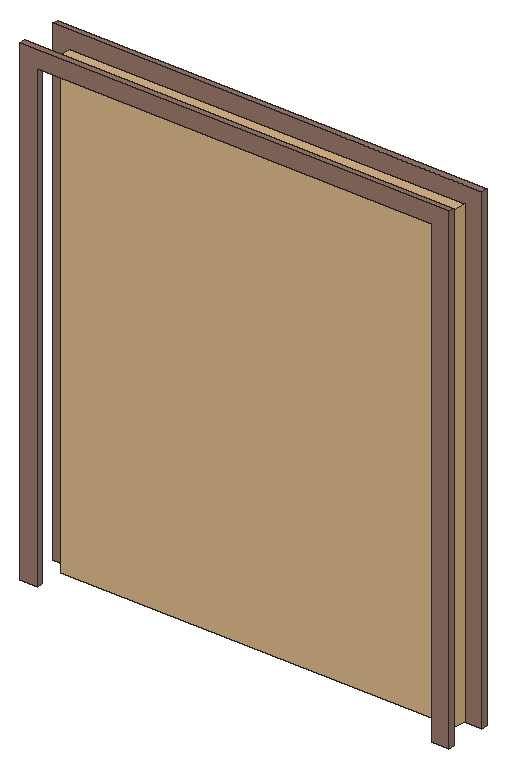
Revit family "3995ccc67dfc4023abd49b2a8f36a22b", category Doors, host Wall, Revit 2021
Family settings
  Host = Wall
  OmniClass Number = 23.30.10.00
  OmniClass Title = Doors
  Always vertical = Yes
  Cut with Voids When Loaded = No
  Shared = No
  Room Calculation Point = No
Parameters (values of type "68" x 80"")
  W = Width / 2  # 2' - 10"
  Visual Light Transmittance = 0
  Thickness = 0' - 2"
  Thermal Resistance (R) = 2.5876 (h·ft²·°F)/BTU
  Swing Angle [instance] = 90.00°
  Solar Heat Gain Coefficient = 0
  Define Thermal Properties by = Schematic Type
  Construction Type Id = "DOOR"
  Heat Transfer Coefficient (U) = 0.3865 BTU/(h·ft²·°F)
  Function = Interior
  Assembly Code = "C1020"
  Panel Material = Wood - Birch - Solid Stained Light Low Gloss
  Trim Material = Paint - Sienna
  Height = 6' - 8"
  Trim Projection Ext. = 0' - 1"
  Trim Projection Int. = 0' - 1"
  Trim Width Ext. = 0' - 3"
  Trim Width Int. = 0' - 3"
  Wall Closure = By host
  Width = 5' - 8"
  Analytic Construction = "Wooden"
Reference planes (in)
  plane 1 "Center (Front/Back)": y = 0
  plane 2: z = 0
  plane 3 "Center (Left/Right)": x = 0
  plane 4 "Left": x = -34
  plane 5 "Right": x = 34
  plane 6 "Top": z = 80
  plane 7: y = 3
  plane 8: y = 1
Forms (in)
  Extrusion 1, solid, material "Paint - Sienna" <- "Trim Material", detail levels fine
    sketch origin (-90, -3, 0) x (1, 0, 0) y (0, 0, 1)
      loop
        line (56, 0) -> (56, 80) -> (124, 80) -> (124, 0) -> (127, 0) -> (127, 83) -> (53, 83) -> (53, 0) -> (56, 0)
    from 0 to 1
  Extrusion 2, solid, material "Wood - Birch - Solid Stained Light Low Gloss" <- "Panel Material"
    sketch origin (-90, 7, 0) x (-1, 0, 0) y (0, 0, 1)
      loop
        line (-124, 80) -> (-124, 0) -> (-56, 0) -> (-56, 80) -> (-124, 80)
    from -6 to -4
  Extrusion 3, solid, material "Paint - Sienna" <- "Trim Material", detail levels fine
    sketch origin (-60, 3, 0) x (-1, 0, 0) y (0, 0, 1)
      loop
        line (-97, 83) -> (-97, 0) -> (-94, 0) -> (-94, 80) -> (-26, 80) -> (-26, 0) -> (-23, 0) -> (-23, 83) -> (-97, 83)
    from 0 to 1
Lines and regions (in)
  Opening 1
    outline origin (-90, -3, 0) x (1, 0, 0) y (0, 0, 1)
      loop
        line (56, 0) -> (124, 0) -> (124, 80) -> (56, 80) -> (56, 0)
  model lines, style "DoorsPanelProjection"
    curve 1: line (0, 3, 80) -> (0, 3, 0)
    curve 2: line (0, 1, 80) -> (0, 1, 0)
  symbolic lines, style "Elevation Swing"
    curve 3: line (0, 0, 80) -> (-34, 0, 40)
    curve 4: line (0, 0, 0) -> (-34, 0, 40)
    curve 5: line (0, 0, 80) -> (34, 0, 40)
    curve 6: line (0, 0, 0) -> (34, 0, 40)
Text (in)
  text "Exterior" at (-59.18183, 14.86691, 0), in view "Floor Line"
  text "Interior" at (-59.18183, -7.1688, 0), in view "Floor Line"
  text "Exterior" at (0, 40.15149, 123.01588), in view "Right"
  text "Interior" at (0, -64.39139, 123.01588), in view "Right"
  text "Interior" at (0, -31.01599, 123.00693), in view "Left"
  text "Exterior" at (0, 54.57065, 123.00693), in view "Left"
Dimensions and locks (in)
  equal spacing: plane 4 "Left", plane 3 "Center (Left/Right)", plane 5 "Right"
  "Height": plane 2 to plane 6 "Top"
  "Trim Width Int.": Extrusion 1 sketch curve to plane 4 "Left"
  "Trim Width Int.": Extrusion 1 sketch curve to plane 5 "Right"
  "Trim Width Int.": Extrusion 1 sketch curve to plane 6 "Top"
  "Trim Projection Int.": Extrusion 1 to host wall
  "Trim Projection Ext.": Extrusion 3 to Extrusion 3
  "Trim Width Ext.": plane 5 "Right" to Extrusion 3 sketch curve
  "Trim Width Ext.": Extrusion 3 sketch curve to plane 4 "Left"
  "Trim Width Ext.": plane 6 "Top" to Extrusion 3 sketch curve
  "Width": plane 4 "Left" to plane 5 "Right"
  equal spacing: level, curve 4, plane 6 "Top"
  equal spacing: level, curve 6, plane 6 "Top"
  "Thickness": plane 7 to plane 8
  aligned and locked: plane 4 "Left" to Opening 1 sketch curve
  aligned and locked: plane 6 "Top" to Opening 1 sketch curve  (x2)
  aligned and locked: Opening 1 sketch curve to plane 5 "Right"
  aligned and locked: Opening 1 sketch curve to level
  aligned and locked: plane 4 "Left" to Extrusion 1 sketch curve
  aligned and locked: plane 6 "Top" to Extrusion 1 sketch curve  (x2)
  aligned and locked: plane 5 "Right" to Extrusion 1 sketch curve  (x2)
  aligned and locked: level to Extrusion 1 sketch curve
  aligned and locked: Extrusion 1 sketch curve to level
  aligned and locked: plane 2 to Extrusion 1 sketch curve
  aligned and locked: Extrusion 1 to host wall
  aligned and locked: Extrusion 2 sketch curve to plane 4 "Left"
  aligned and locked: curve 2 to curve 1
  aligned and locked: host wall to Extrusion 2
  aligned and locked: plane 7 to host wall
  aligned and locked: Extrusion 2 to plane 8
  aligned and locked: plane 7 to Extrusion 2
  aligned and locked: plane 7 to nested 3
  aligned and locked: nested 3 to plane 4 "Left"
  aligned and locked: nested 2 to plane 7
  aligned and locked: nested 2 to plane 5 "Right"
  aligned and locked: plane 8 to nested 1
  aligned and locked: plane 4 "Left" to nested 1
  aligned and locked: nested 4 to plane 8
  aligned and locked: plane 5 "Right" to nested 4
Automatic sketch dimensions
  Extrusion 2 sketch curve to plane 6 "Top" = 0' - 0"
  Extrusion 2 sketch curve to level = 0' - 0"
  Extrusion 2 sketch curve to plane 5 "Right" = 0' - 0"
  Extrusion 3 sketch curve to level = 0' - 0"  (x2)
  Extrusion 3 sketch curve to plane 5 "Right" = 0' - 0"
  Extrusion 3 sketch curve to plane 4 "Left" = 0' - 0"
  Extrusion 3 sketch curve to plane 6 "Top" = 0' - 0"
  curve 3 to plane 3 "Center (Left/Right)" = 0' - 0"
  curve 3 to plane 6 "Top" = 0' - 0"
  curve 2 to plane 3 "Center (Left/Right)" = 0' - 0"
  curve 2 to plane 6 "Top" = 0' - 0"
  curve 1 to plane 6 "Top" = 0' - 0"
  curve 5 to plane 5 "Right" = 0' - 0"
  curve 3 to plane 4 "Left" = 0' - 0"
  curve 1 to level = 0' - 0"
  curve 4 to level = 0' - 0"
  curve 2 to level = 0' - 0"
  curve 6 to plane 3 "Center (Left/Right)" = 0' - 0"
Nested families (in)
  nested 1: "Door Swing-Single-Opposing" at (-34, 1, 0) x (-1, 0, 0) z (0, 0, 1), Swing Angle <- "Swing Angle", type "Single"
    with Swing Visible yes, Swing Angle 90.00°, Actual Angle 90.00°
  nested 2: "Door Swing-Single" at (34, 3, 0), Swing Angle <- "Swing Angle", type "Single"
    with Swing Visible yes, Swing Angle 90.00°, Actual Angle 90.00°
  nested 3: "Door Swing-Single" at (-34, 3, 0) x (-1, 0, 0) z (0, 0, 1), Swing Angle <- "Swing Angle", type "Single"
    with Swing Visible yes, Swing Angle 90.00°, Actual Angle 90.00°
  nested 4: "Door Swing-Single-Opposing" at (34, 1, 0), Swing Angle <- "Swing Angle", type "Single"
    with Swing Visible yes, Swing Angle 90.00°, Actual Angle 90.00°
Definition of nested family "Door Swing-Single-Opposing"
  Parameters
    Width = 3' - 0"
    Thickness = 0' - 1 3/4"
    Swing Visible [instance] = Swing Angle > 1.00°  # yes
    Swing Angle [instance] = 45.00°
    Assembly Code = ""
    Analytic Construction = "<None>"
    Actual Angle [instance] = if(Swing Angle < 1.00°, 1.00°, Swing Angle)  # 45.00°
  Reference planes (in)
    plane 1 "Center (Front/Back)": y = 0
    plane 2: z = 0
    plane 3 "Center (Left/Right)": x = 0
    plane 4: x = -36
  Lines and regions (in)
    symbolic lines
      curve 1: line (0, 0, 0) -> (-36, 0, 0)
      curve 5: line (0, 0, 0) -> (-25.45584, 25.45584, 0)
      curve 6: line (-25.45584, 25.45584, 0) -> (-26.69328, 24.21841, 0)
      curve 7: line (-26.69328, 24.21841, 0) -> (-1.23744, -1.23744, 0)
      curve 8: line (-1.23744, -1.23744, 0) -> (0, 0, 0)
    symbolic lines, visible <- "Swing Visible"
      curve 2: arc (-36, 0, 0) -> (-33.25966, 13.7766, 0) -> (-25.45584, 25.45584, 0) r 36
    reference lines
      curve 3: line (0, 0, 0) -> (-25.45584, 25.45584, 0)
    model lines
      curve 4: line (0, 0, 0) -> (0, 0, 1)
  Dimensions and locks (in)
    "Width": plane 4 to plane 3 "Center (Left/Right)"
    locked: curve 2 to plane 3 "Center (Left/Right)"
    locked: curve 2 to plane 1 "Center (Front/Back)"
    "Width": curve 3 to curve 3
    locked: curve 4 to plane 2 at 1
    "Thickness": curve 3 to curve 7
    "Width": radius of curve 2
    "Actual Angle": angle curve 2 to curve 2
    "Swing Angle": angle curve 3 to plane 1 "Center (Front/Back)"
    aligned and locked: curve 1 to plane 1 "Center (Front/Back)"
    aligned and locked: plane 3 "Center (Left/Right)" to curve 1
    aligned and locked: plane 3 "Center (Left/Right)" to curve 3
    aligned and locked: plane 1 "Center (Front/Back)" to curve 3
    aligned and locked: plane 3 "Center (Left/Right)" to curve 4
    aligned and locked: plane 2 to curve 4
    aligned and locked: curve 5 to curve 2
    aligned and locked: curve 6 to curve 3
    aligned and locked: curve 8 to curve 3
Definition of nested family "Door Swing-Single"
  Parameters
    Width = 3' - 0"
    Thickness = 0' - 1 3/4"
    Swing Visible [instance] = Swing Angle > 1.00°  # yes
    Swing Angle [instance] = 45.00°
    Assembly Code = ""
    Analytic Construction = "<None>"
    Actual Angle [instance] = if(Swing Angle < 1.00°, 1.00°, Swing Angle)  # 45.00°
  Reference planes (in)
    plane 1 "Center (Front/Back)": y = 0
    plane 2: z = 0
    plane 3 "Center (Left/Right)": x = 0
    plane 4: x = -36
  Lines and regions (in)
    Masking region 1
      outline origin (0, 0, 0) x (-0.707107, 0.707107, 0) y (-0.707107, -0.707107, 0)
        loop
          line (0, 0) -> (36, 0) -> (36, 1.75) -> (0, 1.75) -> (0, 0)
    symbolic lines
      curve 1: line (0, 0, 0) -> (-36, 0, 0)
    symbolic lines, visible <- "Swing Visible"
      curve 2: arc (-36, 0, 0) -> (-33.25966, 13.7766, 0) -> (-25.45584, 25.45584, 0) r 36
    reference lines
      curve 3: line (0, 0, 0) -> (-25.45584, 25.45584, 0)
    model lines
      curve 4: line (0, 0, 0) -> (0, 0, 1)
  Dimensions and locks (in)
    "Width": plane 4 to plane 3 "Center (Left/Right)"
    locked: curve 2 to plane 3 "Center (Left/Right)"
    locked: curve 2 to plane 1 "Center (Front/Back)"
    "Width": curve 3 to curve 3
    "Thickness": Masking region 1 sketch curve to Masking region 1 sketch curve
    locked: curve 4 to plane 2 at 1
    "Width": radius of curve 2
    "Actual Angle": angle curve 2 to curve 2
    "Swing Angle": angle curve 3 to plane 1 "Center (Front/Back)"
    aligned and locked: curve 1 to plane 1 "Center (Front/Back)"
    aligned and locked: plane 3 "Center (Left/Right)" to curve 1
    aligned and locked: plane 3 "Center (Left/Right)" to curve 3
    aligned and locked: plane 1 "Center (Front/Back)" to curve 3
    aligned and locked: curve 3 to Masking region 1 sketch curve
    aligned and locked: Masking region 1 sketch curve to curve 3  (x2)
    aligned and locked: plane 3 "Center (Left/Right)" to curve 4
    aligned and locked: plane 2 to curve 4
